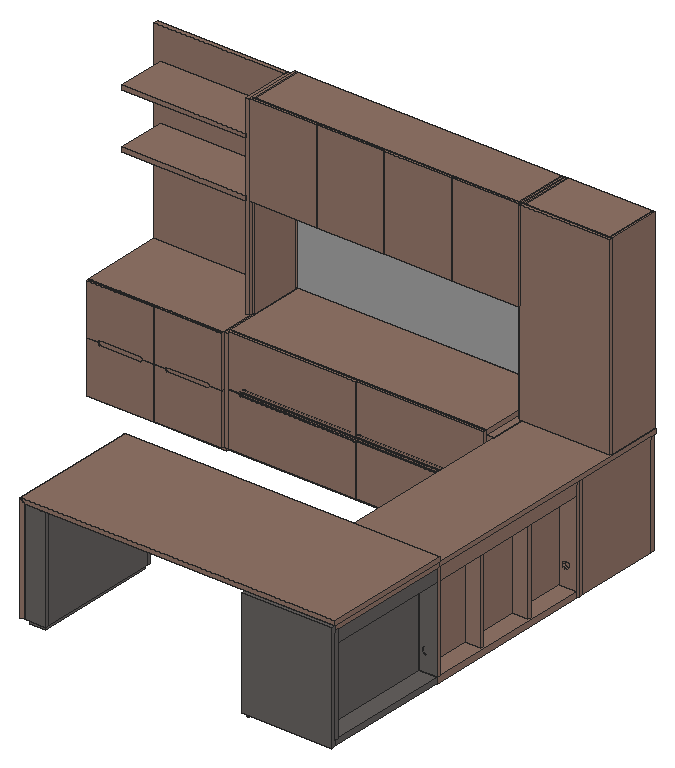
Revit family "T100046", category Furniture, Revit 2022 (continued)
Definition of nested family "OFS SLATE CREDENZAS"
  Definition of nested family "OFS_Slate Private Office_Credenzas_Double Pedestal"
    Automatic sketch dimensions
      Revolve 18 sketch curve to Revolve 18 sketch curve = 0' - 0.03868"
      Revolve 18 sketch curve to Revolve 18 sketch curve = 0' - 0.19756"
      Revolve 18 sketch curve to Revolve 18 sketch curve = 0' - 0"
      Revolve 18 sketch curve to level = 0' - 0.10773"
      Revolve 19 sketch curve to plane 4 = 0' - 0"
      Revolve 19 sketch curve to level = 0' - 0"  (x2)
      Revolve 19 sketch curve to plane 20 = 0' - 0.6409"
      Revolve 19 sketch curve to Revolve 19 sketch curve = 0' - 0.24097"
      Revolve 19 sketch curve to Revolve 19 sketch curve = 0' - 0.00903"  (x2)
      Revolve 19 sketch curve to Revolve 19 sketch curve = 0' - 0.03868"
      level to Revolve 19 sketch curve = 0' - 0.13057"
      Revolve 19 sketch curve to Revolve 19 sketch curve = 0' - 0"
      Revolve 19 sketch curve to level = 0' - 0.10773"
      Revolve 20 sketch curve to plane 4 = 0' - 0"
      Revolve 20 sketch curve to level = 0' - 0"  (x2)
      plane 18 to Revolve 20 sketch curve = 0' - 0.35223"
      Revolve 20 sketch curve to Revolve 20 sketch curve = 0' - 0.03868"
      Revolve 20 sketch curve to Revolve 20 sketch curve = 0' - 0"  (x2)
      Revolve 20 sketch curve to Revolve 20 sketch curve = 0' - 0.00903"
      Revolve 20 sketch curve to Revolve 20 sketch curve = 0' - 0 1/4"
      Revolve 20 sketch curve to Revolve 20 sketch curve = 0' - 0.19756"
      Revolve 20 sketch curve to level = 0' - 0.10773"
      Revolve 21 sketch curve to plane 4 = 0' - 0"
      Revolve 21 sketch curve to level = 0' - 0"  (x2)
      Revolve 21 sketch curve to plane 20 = 0' - 0.6409"
      Revolve 21 sketch curve to Revolve 21 sketch curve = 0' - 0.24097"
      Revolve 21 sketch curve to Revolve 21 sketch curve = 0' - 0.00903"  (x2)
      Revolve 21 sketch curve to Revolve 21 sketch curve = 0' - 0.03868"
      Revolve 21 sketch curve to Revolve 21 sketch curve = 0' - 0.19756"
      Revolve 21 sketch curve to Revolve 21 sketch curve = 0' - 0"
      Revolve 21 sketch curve to level = 0' - 0.10773"
  Definition of nested family "OFS_Slate Private Office_Credenzas_Lateral File Cabinet"
    Parameters
      Width 1 [instance] = if(Width < 5' 6", 5' 6", Width)  # 5' - 6"
      Width [instance] = 5' - 6"
      URL = "http://www.ofsbrands.com/"
      Type = 3
      Top [instance] = none
      Model = "Type Catalog"
      Manufacturer = "OFS BRANDS"  # constant formula
      Length [instance] = if(and(Type = 3, Width = 5' 6"), 1' 10.755", 2' 4.755")  # 1' - 10.755"
      Lateral File/Cabinet = Type = 3  # yes
      Glides [instance] = none
      Drawers [instance] = none
      Description = "Type Catalog"
      Default Elevation = 0' - 0"
      Copyright © = "© 2016 OFS BRANDS"  # constant formula
      Catalog = "OFS"  # constant formula
      Case [instance] = none
      Base [instance] = none
      Authoring Version = "Autodesk Revit Architecture 2014"  # constant formula
      Assembly Code = "E2020200"
    Reference planes (in)
      plane 1 "Center (Front/Back)": y = 0
      plane 2: z = 0
      plane 3 "Center (Left/Right)": x = 0
      plane 4: x = 65.25
      plane 5: x = 66
      plane 6: x = 0.75
      plane 7: y = -24
      plane 8: y = -24.83661
      plane 9: y = -23.125
      plane 10: x = 0.125
      plane 11: x = 65.875
      plane 12: z = 0.45
      plane 13: z = 29.2
      plane 14: y = -1.37544
      plane 15: y = -21.74956
      plane 16: y = -11.5625
      plane 17: x = 33
      plane 18: x = 18
      plane 19: x = 48
    Forms (in)
      Revolve 1, solid, material <- "Glides", visible <- "Lateral File/Cabinet"
        sketch origin (1.0178, -1.37544, 47.24409) x (-1, 0, 0) y (0, 0, 1)
          loop
            line (-0.3731, -46.79409) -> (-0.3731, -47.24409) -> (-0.1281, -47.24409)
            arc (-0.1281, -47.24409) -> (0, -47.13626) -> (-0.08442, -46.99165) r 0.13
            line (-0.08442, -46.99165) -> (-0.1231, -46.99165) -> (-0.1231, -46.79409) -> (-0.3731, -46.79409)
          axis (-0.3731, -46.79409) -> (-0.3731, -47.24409)
        angle from 0 to 360
      Revolve 2, solid, material <- "Glides", visible <- "Lateral File/Cabinet"
        sketch origin (70.9822, -1.37544, 47.24409) x (1, 0, 0) y (0, 0, -1)
          loop
            line (-6.3731, 46.79409) -> (-6.1231, 46.79409) -> (-6.1231, 46.99165) -> (-6.08442, 46.99165)
            arc (-6.08442, 46.99165) -> (-6, 47.13626) -> (-6.1281, 47.24409) r 0.13
            line (-6.1281, 47.24409) -> (-6.3731, 47.24409) -> (-6.3731, 46.79409)
          axis (-6.3731, 46.79409) -> (-6.3731, 47.24409)
        angle from 0 to 360
      Revolve 3, solid, material <- "Glides", visible <- "Lateral File/Cabinet"
        sketch origin (70.9822, -21.74956, 47.24409) x (1, 0, 0) y (0, 0, 1)
          loop
            line (-6.3731, -46.79409) -> (-6.3731, -47.24409) -> (-6.1281, -47.24409)
            arc (-6.1281, -47.24409) -> (-6, -47.13626) -> (-6.08442, -46.99165) r 0.13
            line (-6.08442, -46.99165) -> (-6.1231, -46.99165) -> (-6.1231, -46.79409) -> (-6.3731, -46.79409)
          axis (-6.3731, -46.79409) -> (-6.3731, -47.24409)
        angle from 0 to 360
      Revolve 4, solid, material <- "Glides", visible <- "Lateral File/Cabinet"
        sketch origin (1.0178, -21.74956, 47.24409) x (-1, 0, 0) y (0, 0, -1)
          loop
            line (-0.3731, 46.79409) -> (-0.1231, 46.79409) -> (-0.1231, 46.99165) -> (-0.08442, 46.99165)
            arc (-0.08442, 46.99165) -> (0, 47.13626) -> (-0.1281, 47.24409) r 0.13
            line (-0.1281, 47.24409) -> (-0.3731, 47.24409) -> (-0.3731, 46.79409)
          axis (-0.3731, 46.79409) -> (-0.3731, 47.24409)
        angle from 0 to 360
      Extrusion 5, solid, material <- "Case", visible <- "Lateral File/Cabinet"
        sketch origin (-60.07556, -60, 0.45) x (-1, 0, 0) y (0, -1, 0)
          loop
            line (-60.82556, -59.25) -> (-60.82556, -57.75) -> (-62.32556, -57.75) -> (-62.32556, -59.25) -> (-60.82556, -59.25)
          loop
            line (-60.82556, -39.125) -> (-60.82556, -37.625) -> (-62.32556, -37.625) -> (-62.32556, -39.125) -> (-60.82556, -39.125)
          loop
            line (-125.32556, -59.25) -> (-123.82556, -59.25) -> (-123.82556, -57.75) -> (-125.32556, -57.75) -> (-125.32556, -59.25)
          loop
            line (-125.32556, -39.125) -> (-123.82556, -39.125) -> (-123.82556, -37.625) -> (-125.32556, -37.625) -> (-125.32556, -39.125)
        from 0 to 1.25
      Extrusion 6, solid, material <- "Top", visible <- "Lateral File/Cabinet"
        sketch origin (0, 0, 0) x (0, 1, 0) y (0, 0, 1)
          loop
            line (0, 29.2) -> (-24, 29.2) -> (-24, 28.0125) -> (0, 28.0125) -> (0, 29.2)
        from 0 to 66
      Sweep 7, solid, material <- "Case", visible <- "Lateral File/Cabinet"
        path origin (-60.07556, -60, 0.45) x (-1, 0, 0) y (0, -1, 0)
          loop
            line (-126.07556, -60) -> (-126.07556, -36.875) -> (-60.07556, -36.875) -> (-60.07556, -60)
        profile origin (0, -11.5625, 0.45) x (-1, 0, 0) y (0, 0, 1)
          loop
            line (-0.75, 0) -> (0, 0) -> (0, 1.25) -> (-0.75, 1.25) -> (-0.75, 0)
      Extrusion 8, solid, material <- "Case", visible <- "Lateral File/Cabinet"
        sketch origin (0, 0, 0) x (0, 1, 0) y (0, 0, 1)
          loop
            line (0, 28.0125) -> (-0.75, 28.0125) -> (-0.75, 0.45) -> (0, 0.45) -> (0, 28.0125)
        from 0.75 to 65.25
      Extrusion 9, solid, material <- "Case", visible <- "Lateral File/Cabinet"
        sketch origin (0, 0, 0) x (1, 0, 0) y (0, 0, 1)
          loop
            line (0, 28.0125) -> (0, 1.7) -> (0.75, 1.7) -> (0.75, 28.0125) -> (0, 28.0125)
          loop
            line (65.25, 28.0125) -> (65.25, 1.7) -> (66, 1.7) -> (66, 28.0125) -> (65.25, 28.0125)
        from 0 to 24
      Extrusion 10, solid, material <- "Drawers", visible <- "Lateral File/Cabinet"
        sketch origin (0.125, -24.83661, 47.24409) x (0, -1, 0) y (0, 0, 1)
          loop
            line (-0.26, -18.10659) -> (-0.34839, -18.1432) -> (-0.75, -18.54482) -> (-0.75, -45.5441) -> (0, -45.5441) -> (0, -18.10659) -> (-0.26, -18.10659)
        from 0 to -17.875
      Sweep 11, void
        path origin (-3.76383, -24.83661, 47.24409) x (-1, 0, 0) y (0, 0, 1)
          loop
            line (-25.38633, -31.01358) -> (-48.14133, -31.01358)
            arc (-48.14133, -31.01358) -> (-48.9531, -31.82534) -> (-48.14133, -32.63711) r 0.81176
            line (-48.14133, -32.63711) -> (-25.38633, -32.63711)
            arc (-25.38633, -32.63711) -> (-24.57457, -31.82534) -> (-25.38633, -31.01358) r 0.81176
        profile origin (33, -24.83661, 16.23051) x (0, 0, -1) y (0, 1, 0)
          loop
            line (0.74926, 0) -> (0.74926, 0.59375) -> (0.23364, 0.59375)
            arc (0.23364, 0.59375) -> (-0.00045, 0.3792) -> (0.19294, 0.12735) r 0.23498
            arc (0.19294, 0.12735) -> (0.23332, 0.10405) -> (0.24927, 0.06025) r 0.06813
            line (0.24927, 0.06025) -> (0.24927, 0) -> (0.74926, 0)
      Extrusion 12, solid, material <- "Base", visible <- "Lateral File/Cabinet"
        sketch origin (-3.76383, -24.83661, 47.24409) x (-1, 0, 0) y (0, 0, 1)
          loop
            line (-4.51383, -44.79409) -> (-69.01383, -44.79409) -> (-69.01383, -45.54409) -> (-4.51383, -45.54409) -> (-4.51383, -44.79409)
        from 0.83661 to 24.08661
      Extrusion 13, solid, material <- "Drawers", visible <- "Lateral File/Cabinet"
        sketch origin (65.875, -24.83661, 47.24409) x (0, -1, 0) y (0, 0, -1)
          loop
            line (-0.26, 18.10659) -> (0, 18.10659) -> (0, 45.5441) -> (-0.75, 45.5441) -> (-0.75, 18.54482) -> (-0.34839, 18.1432) -> (-0.26, 18.10659)
        from 0 to -17.875
      Extrusion 14, solid, material <- "Drawers", visible <- "Lateral File/Cabinet"
        sketch origin (-3.76383, -24.83661, 47.24409) x (-1, 0, 0) y (0, 0, 1)
          loop
            line (-21.88883, -18.1066) -> (-51.63883, -18.1066) -> (-51.63883, -31.76284) -> (-21.88883, -31.76284) -> (-21.88883, -18.1066)
          loop
            line (-51.63883, -31.88784) -> (-51.63883, -45.54409) -> (-21.88883, -45.54409) -> (-21.88883, -31.88784) -> (-51.63883, -31.88784)
        from 0 to 0.75
    Cuts and joins
      joined: Revolve 1, Revolve 2, Revolve 3, Revolve 4
      Sweep 11 cuts Extrusion 14
      joined: Extrusion 10, Extrusion 13
    Lines and regions (in)
      Masking region 1, visible <- "Lateral File/Cabinet"
        outline origin (77.82463, -60, 29.2) x (0, -1, 0) y (1, 0, 0)
          loop
            line (-60, -77.82463) -> (-35.16339, -77.82463) -> (-35.16339, -11.82463) -> (-60, -11.82463) -> (-60, -77.82463)
    Dimensions and locks (in)
      "Width 1": plane 3 "Center (Left/Right)" to plane 5
      plane 3 "Center (Left/Right)" to plane 10 to plane 6 to plane 18 = 0' - 0 1/8" locked, 0' - 0 5/8" locked, 1' - 5 1/4" locked
      plane 19 to plane 4 to plane 11 to plane 5 = 1' - 5 1/4" locked, 0' - 0 5/8" locked, 0' - 0 1/8" locked
      equal spacing: plane 3 "Center (Left/Right)", plane 17, plane 5
      equal spacing: Sweep 11 sketch curve, plane 17, Sweep 11 sketch curve
      "Length": Sweep 11 sketch curve to Sweep 11 sketch curve
      locked: plane 18 to Extrusion 14 sketch curve at 0.125
      locked: plane 19 to Extrusion 14 sketch curve at 0.125
      aligned and locked: level to plane 2
      aligned and locked: Extrusion 6 to plane 5
      aligned and locked: Sweep 7 sketch curve to Extrusion 6  (x2)
      aligned and locked: plane 9 to Sweep 7 sketch curve
      aligned and locked: plane 4 to Extrusion 8
      aligned and locked: plane 6 to Extrusion 8
      aligned and locked: Extrusion 12 sketch curve to plane 6
      aligned and locked: Extrusion 12 sketch curve to plane 4
      aligned and locked: Masking region 1 sketch curve to Extrusion 6  (x2)
      aligned and locked: Masking region 1 sketch curve to plane 8
      aligned and locked: Masking region 1 sketch curve to plane 5
      aligned and locked: Extrusion 13 to plane 11
      aligned and locked: Extrusion 13 to plane 19
      aligned and locked: Extrusion 14 sketch curve to Extrusion 14 sketch curve  (x2)
    Automatic sketch dimensions
      Revolve 1 sketch curve to plane 12 = 0' - 0"
      Revolve 1 sketch curve to level = 0' - 0"  (x2)
      Revolve 1 sketch curve to plane 6 = 0' - 0.6409"
      Revolve 1 sketch curve to Revolve 1 sketch curve = 0' - 0.245"
      Revolve 1 sketch curve to Revolve 1 sketch curve = 0' - 0.005"
      Revolve 1 sketch curve to Revolve 1 sketch curve = 0' - 0.03868"
      level to Revolve 1 sketch curve = 0' - 0.13"
      Revolve 1 sketch curve to Revolve 1 sketch curve = 0' - 0"
      Revolve 1 sketch curve to level = 0' - 0.09316"
      Revolve 2 sketch curve to plane 12 = 0' - 0"
      Revolve 2 sketch curve to level = 0' - 0"  (x2)
      Revolve 2 sketch curve to plane 4 = 0' - 0.6409"
      Revolve 2 sketch curve to Revolve 2 sketch curve = 0' - 0.245"
      Revolve 2 sketch curve to Revolve 2 sketch curve = 0' - 0.005"
      Revolve 2 sketch curve to Revolve 2 sketch curve = 0' - 0.03868"
      Revolve 2 sketch curve to plane 12 = 0' - 0.19756"
      Revolve 2 sketch curve to Revolve 2 sketch curve = 0' - 0"
      Revolve 2 sketch curve to Revolve 2 sketch curve = 0' - 0.09316"
      Revolve 3 sketch curve to plane 12 = 0' - 0"
      Revolve 3 sketch curve to level = 0' - 0"  (x2)
      Revolve 3 sketch curve to plane 4 = 0' - 0.6409"
      Revolve 3 sketch curve to Revolve 3 sketch curve = 0' - 0.245"
      Revolve 3 sketch curve to Revolve 3 sketch curve = 0' - 0.005"
      Revolve 3 sketch curve to Revolve 3 sketch curve = 0' - 0.03868"
      level to Revolve 3 sketch curve = 0' - 0.13"
      Revolve 3 sketch curve to Revolve 3 sketch curve = 0' - 0"
      Revolve 3 sketch curve to Revolve 3 sketch curve = 0' - 0.09316"
      Revolve 4 sketch curve to plane 12 = 0' - 0"
      Revolve 4 sketch curve to level = 0' - 0"  (x2)
      Revolve 4 sketch curve to plane 6 = 0' - 0.6409"
      Revolve 4 sketch curve to Revolve 4 sketch curve = 0' - 0.245"
      Revolve 4 sketch curve to Revolve 4 sketch curve = 0' - 0.005"
      Revolve 4 sketch curve to Revolve 4 sketch curve = 0' - 0.03868"
      Revolve 4 sketch curve to Revolve 4 sketch curve = 0' - 0.19756"
      Revolve 4 sketch curve to Revolve 4 sketch curve = 0' - 0"
      Revolve 4 sketch curve to level = 0' - 0.09316"
      Extrusion 5 sketch curve to plane 4 = 0' - 0"  (x2)
      Extrusion 5 sketch curve to plane 6 = 0' - 0"  (x2)
      plane 14 to Extrusion 5 sketch curve = 0' - 0.62544"  (x2)
      Extrusion 5 sketch curve to Extrusion 5 sketch curve = 0' - 1 1/2"  (x2)
      Extrusion 5 sketch curve to plane 15 = 0' - 0.62544"  (x2)
      Extrusion 5 sketch curve to plane 6 = 0' - 1 1/2"  (x2)
      Extrusion 5 sketch curve to plane 14 = 0' - 0.87456"  (x2)
      plane 15 to Extrusion 5 sketch curve = 0' - 0.87456"  (x2)
      Extrusion 6 sketch curve to plane 7 = 0' - 0"
      Extrusion 6 sketch curve to plane 1 "Center (Front/Back)" = 0' - 0"
      plane 13 to Extrusion 6 sketch curve = 0' - 0"
      plane 13 to Extrusion 6 sketch curve = 0' - 1 3/16"
      plane 1 "Center (Front/Back)" to Sweep 7 sketch curve = 0' - 0"  (x2)
      Sweep 7 sketch curve to plane 12 = 0' - 0"
      Sweep 7 sketch curve to profile plane = 0' - 0"
      profile plane to Sweep 7 sketch curve = 0' - 0 3/4"
      plane 12 to Sweep 7 sketch curve = 0' - 1 1/4"
      Extrusion 8 sketch curve to plane 12 = 0' - 0"
      Extrusion 8 sketch curve to plane 1 "Center (Front/Back)" = 0' - 0"
      plane 14 to Extrusion 8 sketch curve = 0' - 0.62544"
      plane 13 to Extrusion 8 sketch curve = 0' - 1 3/16"
      Extrusion 9 sketch curve to plane 3 "Center (Left/Right)" = 0' - 0"
      plane 6 to Extrusion 9 sketch curve = 0' - 0"
      Extrusion 9 sketch curve to plane 4 = 0' - 0"
      plane 5 to Extrusion 9 sketch curve = 0' - 0"
      plane 12 to Extrusion 9 sketch curve = 0' - 1 1/4"  (x2)
      plane 13 to Extrusion 9 sketch curve = 0' - 1 3/16"  (x2)
      Extrusion 10 sketch curve to plane 8 = 0' - 0"
      plane 13 to Extrusion 10 sketch curve = 0' - 0 1/16"
      plane 8 to Extrusion 10 sketch curve = 0' - 0.26"
      plane 13 to Extrusion 10 sketch curve = 0' - 0.09911"
      Extrusion 10 sketch curve to Extrusion 10 sketch curve = 0' - 0.08839"
      Extrusion 10 sketch curve to plane 7 = 0' - 0.08661"
      plane 13 to Extrusion 10 sketch curve = 0' - 0.50072"
      plane 12 to Extrusion 10 sketch curve = 0' - 1 1/4"
      Sweep 11 sketch curve to plane 8 = 0' - 0"
      plane 8 to Sweep 11 sketch curve = 0' - 0.06025"
      Sweep 11 sketch curve to profile plane = 0' - 0.18113"
      Sweep 11 sketch curve to profile plane = 0' - 0.23364"
      Sweep 11 sketch curve to Sweep 11 sketch curve = 0' - 0.06813"
      Sweep 11 sketch curve to Sweep 11 sketch curve = 0' - 0 33/64"
      Sweep 11 sketch curve to Sweep 11 sketch curve = 0' - 0.29853"
      Sweep 11 sketch curve to Sweep 11 sketch curve = 0' - 0.23498"
      plane 12 to Extrusion 12 sketch curve = 0' - 1 1/4"
      Extrusion 12 sketch curve to Extrusion 12 sketch curve = 0' - 0 3/4"
      Extrusion 13 sketch curve to plane 8 = 0' - 0"
      plane 13 to Extrusion 13 sketch curve = 0' - 0 1/16"
      Extrusion 13 sketch curve to Extrusion 13 sketch curve = 0' - 0.26"
      plane 13 to Extrusion 13 sketch curve = 0' - 0.09911"
      Extrusion 13 sketch curve to Extrusion 13 sketch curve = 0' - 0.08839"
      Extrusion 13 sketch curve to plane 7 = 0' - 0.08661"
      plane 13 to Extrusion 13 sketch curve = 0' - 0.50072"
      plane 12 to Extrusion 13 sketch curve = 0' - 1 1/4"
      plane 12 to Extrusion 14 sketch curve = 0' - 1 1/4"
      Extrusion 14 sketch curve to Extrusion 14 sketch curve = 1' - 1 21/32"
      Extrusion 14 sketch curve to Extrusion 14 sketch curve = 0' - 0 1/8"
      plane 13 to Extrusion 14 sketch curve = 0' - 0 1/16"
      plane 12 to Sweep 11 sketch curve = 1' - 2.15699"
      Sweep 11 sketch curve to Sweep 11 sketch curve = 0' - 0.81176"
  Definition of nested family "OFS_Slate Private Office_Credenzas_Lateral File"
    Parameters
      Width [instance] = 2' - 6"
      URL = "http://www.ofsbrands.com/"
      Type = 2
      Top [instance] = none
      Model = "Type Catalog"
      Manufacturer = "OFS BRANDS"  # constant formula
      Length 3 [instance] = if(or(and(Type = 2, Width = 5' 0"), and(Type = 2, Width = 6' 0")), (Width / 2 + 0' 3.624"), Width + 0' 3")  # 2' - 9"
      Length 2 [instance] = if(or(and(Type = 2, Width = 2' 6"), and(Type = 2, Width = 5' 0")), 1' 10.692", 2' 4.692")  # 1' - 10.692"
      Length 1 [instance] = if(and(Type = 2, Width < 5' 0"), 0' 0", Width / 2)  # 0' - 0"
      Lateral File = Type = 2  # yes
      Glides [instance] = none
      Drawers [instance] = none
      Description = "Type Catalog"
      Default Elevation = 0' - 0"
      Copyright © = "© 2016 OFS BRANDS"  # constant formula
      Catalog = "OFS"  # constant formula
      Case [instance] = none
      Base [instance] = none
      Authoring Version = "Autodesk Revit Architecture 2014"  # constant formula
      Assembly Code = "E2020200"
    Reference planes (in)
      plane 1 "Center (Front/Back)": y = 0
      plane 2: z = 0
      plane 3 "Center (Left/Right)": x = 0
      plane 4: x = 0
      plane 5: x = 29.25
      plane 6: x = 30
      plane 7: x = 0.75
      plane 8: y = -24
      plane 9: y = -24.83661
      plane 10: y = -23.125
      plane 11: x = 0.125
      plane 12: x = 29.875
      plane 13: z = 0.45
      plane 14: z = 29.2
      plane 15: y = -1.37544
      plane 16: y = -21.74956
      plane 17: y = -11.5625
      plane 18: x = 15
    Forms (in)
      Revolve 1, solid, material <- "Glides", visible <- "Lateral File"
        sketch origin (1.0178, -1.37544, 47.24409) x (-1, 0, 0) y (0, 0, 1)
          loop
            line (-0.3731, -46.79409) -> (-0.3731, -47.24409) -> (-0.1281, -47.24409)
            arc (-0.1281, -47.24409) -> (0, -47.13626) -> (-0.08442, -46.99165) r 0.13
            line (-0.08442, -46.99165) -> (-0.1231, -46.99165) -> (-0.1231, -46.79409) -> (-0.3731, -46.79409)
          axis (-0.3731, -46.79409) -> (-0.3731, -47.24409)
        angle from 0 to 360
      Revolve 2, solid, material <- "Glides", visible <- "Lateral File"
        sketch origin (70.9822, -1.37544, 47.24409) x (1, 0, 0) y (0, 0, -1)
          loop
            line (-42.3731, 46.79409) -> (-42.1231, 46.79409) -> (-42.1231, 46.99165) -> (-42.08442, 46.99165)
            arc (-42.08442, 46.99165) -> (-42, 47.13626) -> (-42.1281, 47.24409) r 0.13
            line (-42.1281, 47.24409) -> (-42.3731, 47.24409) -> (-42.3731, 46.79409)
          axis (-42.3731, 46.79409) -> (-42.3731, 47.24409)
        angle from 0 to 360
      Revolve 3, solid, material <- "Glides", visible <- "Lateral File"
        sketch origin (70.9822, -21.74956, 47.24409) x (1, 0, 0) y (0, 0, 1)
          loop
            line (-42.3731, -46.79409) -> (-42.3731, -47.24409) -> (-42.1281, -47.24409)
            arc (-42.1281, -47.24409) -> (-42, -47.13626) -> (-42.08442, -46.99165) r 0.13
            line (-42.08442, -46.99165) -> (-42.1231, -46.99165) -> (-42.1231, -46.79409) -> (-42.3731, -46.79409)
          axis (-42.3731, -46.79409) -> (-42.3731, -47.24409)
        angle from 0 to 360
      Revolve 4, solid, material <- "Glides", visible <- "Lateral File"
        sketch origin (1.0178, -21.74956, 47.24409) x (-1, 0, 0) y (0, 0, -1)
          loop
            line (-0.3731, 46.79409) -> (-0.1231, 46.79409) -> (-0.1231, 46.99165) -> (-0.08442, 46.99165)
            arc (-0.08442, 46.99165) -> (0, 47.13626) -> (-0.1281, 47.24409) r 0.13
            line (-0.1281, 47.24409) -> (-0.3731, 47.24409) -> (-0.3731, 46.79409)
          axis (-0.3731, 46.79409) -> (-0.3731, 47.24409)
        angle from 0 to 360
      Extrusion 5, solid, material <- "Case", visible <- "Lateral File"
        sketch origin (-60.07556, -60, 0.45) x (-1, 0, 0) y (0, -1, 0)
          loop
            line (-60.82556, -59.25) -> (-60.82556, -57.75) -> (-62.32556, -57.75) -> (-62.32556, -59.25) -> (-60.82556, -59.25)
          loop
            line (-60.82556, -39.125) -> (-60.82556, -37.625) -> (-62.32556, -37.625) -> (-62.32556, -39.125) -> (-60.82556, -39.125)
          loop
            line (-89.32556, -59.25) -> (-87.82556, -59.25) -> (-87.82556, -57.75) -> (-89.32556, -57.75) -> (-89.32556, -59.25)
          loop
            line (-89.32556, -39.125) -> (-87.82556, -39.125) -> (-87.82556, -37.625) -> (-89.32556, -37.625) -> (-89.32556, -39.125)
        from 0 to 1.25
      Extrusion 6, solid, material <- "Top", visible <- "Lateral File"
        sketch origin (0, 0, 0) x (0, 1, 0) y (0, 0, 1)
          loop
            line (0, 29.2) -> (-24, 29.2) -> (-24, 28.0125) -> (0, 28.0125) -> (0, 29.2)
        from 0 to 30
      Sweep 7, solid, material <- "Case", visible <- "Lateral File"
        path origin (-60.07556, -60, 0.45) x (-1, 0, 0) y (0, -1, 0)
          loop
            line (-90.07556, -60) -> (-90.07556, -36.875) -> (-60.07556, -36.875) -> (-60.07556, -60)
        profile origin (0, -11.5625, 0.45) x (-1, 0, 0) y (0, 0, 1)
          loop
            line (-0.75, 0) -> (0, 0) -> (0, 1.25) -> (-0.75, 1.25) -> (-0.75, 0)
      Extrusion 8, solid, material <- "Case", visible <- "Lateral File"
        sketch origin (0, 0, 0) x (0, 1, 0) y (0, 0, 1)
          loop
            line (0, 28.0125) -> (-0.75, 28.0125) -> (-0.75, 0.45) -> (0, 0.45) -> (0, 28.0125)
        from 0.75 to 29.25
      Extrusion 9, solid, material <- "Case", visible <- "Lateral File"
        sketch origin (0, 0, 0) x (1, 0, 0) y (0, 0, 1)
          loop
            line (0, 28.0125) -> (0, 1.7) -> (0.75, 1.7) -> (0.75, 28.0125) -> (0, 28.0125)
          loop
            line (29.25, 28.0125) -> (29.25, 1.7) -> (30, 1.7) -> (30, 28.0125) -> (29.25, 28.0125)
        from 0 to 24
      Extrusion 10, solid, material <- "Drawers", visible <- "Lateral File"
        sketch origin (0.125, -24.83661, 47.24409) x (0, -1, 0) y (0, 0, 1)
          loop
            line (-0.75, -18.10659) -> (-0.75, -31.76284) -> (0, -31.76284) -> (0, -18.10659) -> (-0.75, -18.10659)
          loop
            line (-0.75, -45.5441) -> (0, -45.5441) -> (0, -31.88784) -> (-0.75, -31.88784) -> (-0.75, -45.5441)
        from 0 to -29.75
      Extrusion 11, void
        sketch origin (-60.07556, -60, 0.45) x (0, -1, 0) y (-1, 0, 0)
          loop
            line (-35.91339, -60.01306) -> (-35.91339, -60.13806) -> (-35.16339, -60.13806) -> (-35.16339, -60.01306) -> (-35.91339, -60.01306)
        from 0 to -28.75
      Sweep 12, void
        path origin (-3.76383, -24.83661, 47.24409) x (-1, 0, 0) y (0, 0, 1)
          loop
            line (-7.41768, -31.01358) -> (-30.10968, -31.01358)
            arc (-30.10968, -31.01358) -> (-30.92144, -31.82534) -> (-30.10968, -32.63711) r 0.81176
            line (-30.10968, -32.63711) -> (-7.41768, -32.63711)
            arc (-7.41768, -32.63711) -> (-6.60591, -31.82534) -> (-7.41768, -31.01358) r 0.81176
        profile origin (14.99984, -24.83661, 16.23051) x (0, 0, -1) y (0, 1, 0)
          loop
            line (0.74926, 0) -> (0.74926, 0.59375) -> (0.23364, 0.59375)
            arc (0.23364, 0.59375) -> (-0.00045, 0.3792) -> (0.19294, 0.12735) r 0.23498
            arc (0.19294, 0.12735) -> (0.23332, 0.10405) -> (0.24927, 0.06025) r 0.06813
            line (0.24927, 0.06025) -> (0.24927, 0) -> (0.74926, 0)
      Sweep 13, void
        path origin (63.76383, -24.83661, 47.24409) x (1, 0, 0) y (0, 0, -1)
          loop
            arc (-8.07183, 31.01358) -> (-7.26007, 31.82534) -> (-8.07183, 32.63711) r 0.81176
            line (-8.07183, 32.63711) -> (-30.76383, 32.63711)
            arc (-30.76383, 32.63711) -> (-31.5756, 31.82534) -> (-30.76383, 31.01358) r 0.81176
            line (-30.76383, 31.01358) -> (-8.07183, 31.01358)
        profile origin (44.346, -24.83661, 16.23051) x (0, 0, 1) y (0, 1, 0)
          loop
            line (-0.74926, 0) -> (-0.24927, 0) -> (-0.24927, 0.06025)
            arc (-0.24927, 0.06025) -> (-0.23332, 0.10405) -> (-0.19294, 0.12735) r 0.06813
            arc (-0.19294, 0.12735) -> (0.00045, 0.3792) -> (-0.23364, 0.59375) r 0.23498
            line (-0.23364, 0.59375) -> (-0.74926, 0.59375) -> (-0.74926, 0)
      Extrusion 14, solid, material <- "Base", visible <- "Lateral File"
        sketch origin (-3.76383, -24.83661, 47.24409) x (-1, 0, 0) y (0, 0, 1)
          loop
            line (-4.51383, -44.79409) -> (-33.01383, -44.79409) -> (-33.01383, -45.54409) -> (-4.51383, -45.54409) -> (-4.51383, -44.79409)
        from 0.83661 to 24.08661
    Cuts and joins
      Extrusion 11, Sweep 12, Sweep 13 cuts Extrusion 10
      joined: Revolve 1, Revolve 2, Revolve 3, Revolve 4
    Lines and regions (in)
      Masking region 1, visible <- "Lateral File"
        outline origin (77.82463, -60, 29.2) x (0, -1, 0) y (1, 0, 0)
          loop
            line (-60, -77.82463) -> (-36, -77.82463) -> (-36, -47.82463) -> (-60, -47.82463) -> (-60, -77.82463)
    Dimensions and locks (in)
      "Width": plane 3 "Center (Left/Right)" to plane 6
      plane 3 "Center (Left/Right)" to plane 11 to plane 7 = 0' - 0 1/8" locked, 0' - 0 5/8" locked
      plane 5 to plane 12 to plane 6 = 0' - 0 5/8" locked, 0' - 0 1/8" locked
      "Length 1": plane 3 "Center (Left/Right)" to plane 4
      Extrusion 11 sketch curve to plane 4 to Extrusion 11 sketch curve = 0' - 0 1/16" locked, 0' - 0 1/16" locked
      equal spacing: plane 6, plane 18, plane 3 "Center (Left/Right)"
      locked: Sweep 12 sketch curve to plane 3 "Center (Left/Right)" at 3.65384
      "Length 2": Sweep 12 sketch curve to Sweep 12 sketch curve
      "Length 2": Sweep 13 sketch curve to Sweep 13 sketch curve
      "Length 3": Sweep 13 sketch curve to plane 3 "Center (Left/Right)"
      aligned and locked: level to plane 2
      aligned and locked: Extrusion 6 to plane 6
      aligned and locked: Sweep 7 sketch curve to Extrusion 6  (x2)
      aligned and locked: plane 10 to Sweep 7 sketch curve
      aligned and locked: plane 5 to Extrusion 8
      aligned and locked: plane 7 to Extrusion 8
      aligned and locked: Extrusion 10 to plane 12
      aligned and locked: Extrusion 11 to plane 14
      aligned and locked: Extrusion 14 sketch curve to plane 7
      aligned and locked: Extrusion 14 sketch curve to plane 5
      aligned and locked: Masking region 1 sketch curve to Extrusion 6  (x4)
    Automatic sketch dimensions
      Revolve 1 sketch curve to plane 13 = 0' - 0"
      Revolve 1 sketch curve to level = 0' - 0"  (x2)
      Revolve 1 sketch curve to plane 7 = 0' - 0.6409"
      Revolve 1 sketch curve to Revolve 1 sketch curve = 0' - 0.245"
      Revolve 1 sketch curve to Revolve 1 sketch curve = 0' - 0.005"
      Revolve 1 sketch curve to Revolve 1 sketch curve = 0' - 0.03868"
      level to Revolve 1 sketch curve = 0' - 0.13"
      Revolve 1 sketch curve to Revolve 1 sketch curve = 0' - 0"
      Revolve 1 sketch curve to level = 0' - 0.09316"
      Revolve 2 sketch curve to plane 13 = 0' - 0"
      Revolve 2 sketch curve to level = 0' - 0"  (x2)
      Revolve 2 sketch curve to plane 5 = 0' - 0.6409"
      Revolve 2 sketch curve to Revolve 2 sketch curve = 0' - 0.245"
      Revolve 2 sketch curve to Revolve 2 sketch curve = 0' - 0.005"
      Revolve 2 sketch curve to Revolve 2 sketch curve = 0' - 0.03868"
      Revolve 2 sketch curve to plane 13 = 0' - 0.19756"
      Revolve 2 sketch curve to Revolve 2 sketch curve = 0' - 0"
      Revolve 2 sketch curve to Revolve 2 sketch curve = 0' - 0.09316"
      Revolve 3 sketch curve to plane 13 = 0' - 0"
      Revolve 3 sketch curve to level = 0' - 0"  (x2)
      Revolve 3 sketch curve to plane 5 = 0' - 0.6409"
      Revolve 3 sketch curve to Revolve 3 sketch curve = 0' - 0.245"
      Revolve 3 sketch curve to Revolve 3 sketch curve = 0' - 0.005"
      Revolve 3 sketch curve to Revolve 3 sketch curve = 0' - 0.03868"
      level to Revolve 3 sketch curve = 0' - 0.13"
      Revolve 3 sketch curve to Revolve 3 sketch curve = 0' - 0"
      Revolve 3 sketch curve to Revolve 3 sketch curve = 0' - 0.09316"
      Revolve 4 sketch curve to plane 13 = 0' - 0"
      Revolve 4 sketch curve to level = 0' - 0"  (x2)
      Revolve 4 sketch curve to plane 7 = 0' - 0.6409"
      Revolve 4 sketch curve to Revolve 4 sketch curve = 0' - 0.245"
      Revolve 4 sketch curve to Revolve 4 sketch curve = 0' - 0.005"
      Revolve 4 sketch curve to Revolve 4 sketch curve = 0' - 0.03868"
      Revolve 4 sketch curve to Revolve 4 sketch curve = 0' - 0.19756"
      Revolve 4 sketch curve to Revolve 4 sketch curve = 0' - 0"
      Revolve 4 sketch curve to level = 0' - 0.09316"
      Extrusion 5 sketch curve to plane 5 = 0' - 0"  (x2)
      Extrusion 5 sketch curve to plane 7 = 0' - 0"  (x2)
      plane 15 to Extrusion 5 sketch curve = 0' - 0.62544"  (x2)
      Extrusion 5 sketch curve to Extrusion 5 sketch curve = 0' - 1 1/2"  (x2)
      Extrusion 5 sketch curve to plane 16 = 0' - 0.62544"  (x2)
      Extrusion 5 sketch curve to plane 7 = 0' - 1 1/2"  (x2)
      Extrusion 5 sketch curve to plane 15 = 0' - 0.87456"  (x2)
      plane 16 to Extrusion 5 sketch curve = 0' - 0.87456"  (x2)
      Extrusion 6 sketch curve to plane 8 = 0' - 0"
      Extrusion 6 sketch curve to plane 1 "Center (Front/Back)" = 0' - 0"
      plane 14 to Extrusion 6 sketch curve = 0' - 0"
      plane 14 to Extrusion 6 sketch curve = 0' - 1 3/16"
      plane 1 "Center (Front/Back)" to Sweep 7 sketch curve = 0' - 0"  (x2)
      Sweep 7 sketch curve to plane 13 = 0' - 0"
      Sweep 7 sketch curve to profile plane = 0' - 0"
      profile plane to Sweep 7 sketch curve = 0' - 0 3/4"
      plane 13 to Sweep 7 sketch curve = 0' - 1 1/4"
      Extrusion 8 sketch curve to plane 13 = 0' - 0"
      Extrusion 8 sketch curve to plane 1 "Center (Front/Back)" = 0' - 0"
      plane 15 to Extrusion 8 sketch curve = 0' - 0.62544"
      plane 14 to Extrusion 8 sketch curve = 0' - 1 3/16"
      Extrusion 9 sketch curve to plane 3 "Center (Left/Right)" = 0' - 0"
      plane 7 to Extrusion 9 sketch curve = 0' - 0"
      Extrusion 9 sketch curve to plane 5 = 0' - 0"
      plane 6 to Extrusion 9 sketch curve = 0' - 0"
      plane 13 to Extrusion 9 sketch curve = 0' - 1 1/4"  (x2)
      plane 14 to Extrusion 9 sketch curve = 0' - 1 3/16"  (x2)
      Extrusion 10 sketch curve to plane 9 = 0' - 0"  (x2)
      Extrusion 10 sketch curve to plane 8 = 0' - 0.08661"  (x2)
      plane 13 to Extrusion 10 sketch curve = 0' - 1 1/4"
      Extrusion 10 sketch curve to Extrusion 10 sketch curve = 1' - 1 21/32"
      Extrusion 10 sketch curve to Extrusion 10 sketch curve = 0' - 0 1/8"
      plane 14 to Extrusion 10 sketch curve = 0' - 0 1/16"
      Extrusion 11 sketch curve to plane 9 = 0' - 0"
      Extrusion 11 sketch curve to plane 8 = 0' - 0.08661"
      Sweep 12 sketch curve to plane 9 = 0' - 0"
      plane 9 to Sweep 12 sketch curve = 0' - 0.06025"
      Sweep 12 sketch curve to profile plane = 0' - 0.18113"
      Sweep 12 sketch curve to profile plane = 0' - 0.23364"
      Sweep 12 sketch curve to Sweep 12 sketch curve = 0' - 0.06813"
      Sweep 12 sketch curve to Sweep 12 sketch curve = 0' - 0 33/64"
      Sweep 12 sketch curve to Sweep 12 sketch curve = 0' - 0.29853"
      Sweep 12 sketch curve to Sweep 12 sketch curve = 0' - 0.23498"
      Sweep 13 sketch curve to plane 9 = 0' - 0"
      profile plane to Sweep 13 sketch curve = 0' - 0.74926"
      profile plane to Sweep 13 sketch curve = 0' - 0.24927"
      profile plane to Sweep 13 sketch curve = 0' - 0.23364"
      Sweep 13 sketch curve to Sweep 13 sketch curve = 0' - 0.06813"
      plane 9 to Sweep 13 sketch curve = 0' - 0.06025"
      Sweep 13 sketch curve to Sweep 13 sketch curve = 0' - 0.29853"
      Sweep 13 sketch curve to Sweep 13 sketch curve = 0' - 0.23498"
      plane 13 to Extrusion 14 sketch curve = 0' - 1 1/4"
      Extrusion 14 sketch curve to Extrusion 14 sketch curve = 0' - 0 3/4"
      plane 13 to Sweep 12 sketch curve = 1' - 2.15699"
      Sweep 12 sketch curve to Sweep 12 sketch curve = 0' - 0.81176"
      plane 14 to Sweep 13 sketch curve = 1' - 0.96949"
      Sweep 13 sketch curve to Sweep 13 sketch curve = 0' - 0.81176"
  Definition of nested family "OFS_Slate Private Office_Credenzas_Overlay Lateral File Doors"
    Parameters
      Width 1 [instance] = if(Width < 5' 0", 5' 0", Width)  # 5' - 0"
      Width [instance] = 5' - 0"
      URL = "http://www.ofsbrands.com/"
      Type = 5
      Top [instance] = none
      Panel [instance] = none
      Model = "Type Catalog"
      Manufacturer = "OFS BRANDS"  # constant formula
      Length 2 [instance] = if(and(Type = 5, Width < 5' 0"), 0' 0.063", 1' 5 7/8")  # 1' - 5 7/8"
      Length 1 [instance] = if(and(Type = 5, Width = 2' 6"), 1' 7.255", if(and(Type = 5, Width = 3' 0"), 2' 1.255", if(and(Type = 5, Width = 5' 0"), 1' 1.255", if(and(Type = 5, Width = 6' 0"), 2' 1.255", if(and(Type = 5, Width = 7' 6"), 1' 6.005", 2' 3.005")))))  # 1' - 1.255"
      Overlay Lateral File = Type = 5  # yes
      Lateral Drawers [instance] = and(Overlay Lateral File, not(Width < 5' 0"))  # yes
      Glides [instance] = none
      Drawers [instance] = none
      Description = "Type Catalog"
      Default Elevation = 0' - 0"
      Copyright © = "© 2016 OFS BRANDS"  # constant formula
      Catalog = "OFS"  # constant formula
      Case [instance] = none
      Base [instance] = none
      Authoring Version = "Autodesk Revit Architecture 2014"  # constant formula
      Assembly Code = "E2020200"
      4 Drawers [instance] = and(Type = 5, Width > 6' 0")  # no
      2 Drawers [instance] = and(Type = 5, Width < 7' 6")  # yes
    Reference planes (in)
      plane 1 "Center (Front/Back)": y = 0
      plane 2: z = 0
      plane 3 "Center (Left/Right)": x = 0
      plane 4: x = 59.25
      plane 5: x = 60
      plane 6: x = 0.75
      plane 7: y = -24
      plane 8: y = -25.58661
      plane 9: y = -23.125
      plane 10: x = 0.125
      plane 11: x = 59.875
      plane 12: z = 0.45
      plane 13: z = 30.3875
      plane 14: y = -1.38677
      plane 15: y = -21.25
      plane 16: y = -11.5625
      plane 17: x = 30
      plane 18: x = 19.6875
      plane 19: x = 40.3125
      plane 20: x = 1.8125
      plane 21: x = 58.1875
      plane 22: x = 58.0625
    Forms (in)
      Revolve 1, solid, material <- "Glides", visible <- "Overlay Lateral File"
        sketch origin (1.0178, -1.38677, 47.24409) x (-1, 0, 0) y (0, 0, 1)
          loop
            line (0.04905, -46.79409) -> (0.04905, -47.24409) -> (0.29405, -47.24409)
            arc (0.29405, -47.24409) -> (0.42215, -47.13626) -> (0.33773, -46.99165) r 0.13
            line (0.33773, -46.99165) -> (0.29905, -46.99165) -> (0.29905, -46.79409) -> (0.04905, -46.79409)
          axis (0.04905, -46.79409) -> (0.04905, -47.24409)
        angle from 0 to 360
      Revolve 2, solid, material <- "Glides", visible <- "Overlay Lateral File"
        sketch origin (70.9822, -1.38677, 47.24409) x (1, 0, 0) y (0, 0, -1)
          loop
            line (-11.95095, 46.79409) -> (-11.70095, 46.79409) -> (-11.70095, 46.99165) -> (-11.66227, 46.99165)
            arc (-11.66227, 46.99165) -> (-11.57785, 47.13626) -> (-11.70595, 47.24409) r 0.13
            line (-11.70595, 47.24409) -> (-11.95095, 47.24409) -> (-11.95095, 46.79409)
          axis (-11.95095, 46.79409) -> (-11.95095, 47.24409)
        angle from 0 to 360
      Revolve 3, solid, material <- "Glides", visible <- "Overlay Lateral File"
        sketch origin (1.0178, -21.25, 47.24409) x (-1, 0, 0) y (0, 0, 1)
          loop
            line (-58.01344, -46.79409) -> (-58.26344, -46.79409) -> (-58.26344, -46.99165) -> (-58.30212, -46.99165)
            arc (-58.30212, -46.99165) -> (-58.38654, -47.13626) -> (-58.25844, -47.24409) r 0.13
            line (-58.25844, -47.24409) -> (-58.01344, -47.24409) -> (-58.01344, -46.79409)
          axis (-58.01344, -46.79409) -> (-58.01344, -47.24409)
        angle from 0 to 360
      Revolve 4, solid, material <- "Glides", visible <- "Overlay Lateral File"
        sketch origin (1.0178, -21.25, 47.24409) x (-1, 0, 0) y (0, 0, 1)
          loop
            line (0.04905, -46.79409) -> (0.04905, -47.24409) -> (0.29405, -47.24409)
            arc (0.29405, -47.24409) -> (0.42215, -47.13626) -> (0.33773, -46.99165) r 0.13
            line (0.33773, -46.99165) -> (0.29905, -46.99165) -> (0.29905, -46.79409) -> (0.04905, -46.79409)
          axis (0.04905, -46.79409) -> (0.04905, -47.24409)
        angle from 0 to 360
      Sweep 5, solid, material <- "Panel", visible <- "Overlay Lateral File"
        path origin (-60.07556, -60, 0.45) x (-1, 0, 0) y (0, -1, 0)
          loop
            line (-120.07556, -36.875) -> (-60.07556, -36.875)
        profile origin (30, -23.125, 0.45) x (0, -1, 0) y (0, 0, 1)
          loop
            line (-0.75, 0) -> (0, 0) -> (0, 1.25) -> (-0.75, 1.25) -> (-0.75, 0)
      Extrusion 6, solid, material <- "Case", visible <- "Overlay Lateral File"
        sketch origin (0, 0, 0) x (0, 1, 0) y (0, 0, 1)
          loop
            line (0, 29.2) -> (-0.76133, 29.2) -> (-0.76133, 0.45) -> (0, 0.45) -> (0, 29.2)
        from 1.9375 to 58.0625
      Extrusion 7, solid, material <- "Panel", visible <- "Overlay Lateral File"
        sketch origin (0, 0, 0) x (1, 0, 0) y (0, 0, 1)
          loop
            line (0, 29.2) -> (0, 1.7) -> (1.9375, 1.7) -> (1.9375, 29.2) -> (0, 29.2)
          loop
            line (58.0625, 29.2) -> (58.0625, 1.7) -> (60, 1.7) -> (60, 29.2) -> (58.0625, 29.2)
        from 0 to 24.75
      Extrusion 8, solid, material <- "Drawers", visible <- "Lateral Drawers"
        sketch origin (0.125, -24.83661, 47.24409) x (0, -1, 0) y (0, 0, 1)
          loop
            line (0.49, -16.91909) -> (0.40162, -16.9557) -> (0, -17.35732) -> (0, -45.5441) -> (0.75, -45.5441) -> (0.75, -16.91909) -> (0.49, -16.91909)
        from -1.6875 to -19.5625
      Extrusion 9, solid, material <- "Base", visible <- "Overlay Lateral File"
        sketch origin (-3.76383, -25.58661, 47.24409) x (-1, 0, 0) y (0, 0, 1)
          loop
            line (-5.70133, -44.79409) -> (-61.82633, -44.79409) -> (-61.82633, -45.54409) -> (-5.70133, -45.54409) -> (-5.70133, -44.79409)
        from 0.83661 to 24.83661
      Extrusion 10, solid, material <- "Drawers", visible <- "Lateral Drawers"
        sketch origin (65.875, -24.83661, 47.24409) x (0, -1, 0) y (0, 0, -1)
          loop
            line (0.49, 16.91909) -> (0.75, 16.91909) -> (0.75, 45.5441) -> (0, 45.5441) -> (0, 17.35732) -> (0.40162, 16.9557) -> (0.49, 16.91909)
        from -7.6875 to -25.5625
      Extrusion 11, solid, material <- "Drawers", visible <- "2 Drawers"
        sketch origin (-3.76383, -25.58661, 47.24409) x (-1, 0, 0) y (0, 0, 1)
          loop
            line (-23.57633, -16.9191) -> (-43.95133, -16.9191) -> (-43.95133, -30.57535) -> (-23.57633, -30.57535) -> (-23.57633, -16.9191)
          loop
            line (-43.95133, -30.70035) -> (-43.95133, -45.54409) -> (-23.57633, -45.54409) -> (-23.57633, -30.70035) -> (-43.95133, -30.70035)
        from 0 to 0.75
      Extrusion 12, solid, material <- "Top", visible <- "Overlay Lateral File"
        sketch origin (1.8125, -27.03977, 47.24409) x (0, -1, 0) y (0, 0, 1)
          loop
            line (-26.28977, -16.85659) -> (-26.28977, -18.0441) -> (-2.28977, -18.0441) -> (-2.28977, -16.85659) -> (-26.28977, -16.85659)
        from 0 to -56.375
      Extrusion 13, solid, material <- "Panel", visible <- "Overlay Lateral File"
        sketch origin (-60.07556, -60, 0.45) x (-1, 0, 0) y (0, -1, 0)
          loop
            line (-62.01306, -38.8125) -> (-62.01306, -60) -> (-60.07556, -60) -> (-60.07556, -36.875) -> (-62.01306, -38.8125)
          loop
            line (-118.13806, -38.8125) -> (-120.07556, -36.875) -> (-120.07556, -60) -> (-118.13806, -60) -> (-118.13806, -38.8125)
        from 0 to 1.25
      Sweep 14, void
        path origin (-3.76383, -25.58661, 47.24409) x (-1, 0, 0) y (0, 0, 1)
          loop
            line (-27.13633, -29.82608) -> (-40.39133, -29.82608)
            arc (-40.39133, -29.82608) -> (-41.2031, -30.63785) -> (-40.39133, -31.44961) r 0.81176
            line (-40.39133, -31.44961) -> (-27.13633, -31.44961)
            arc (-27.13633, -31.44961) -> (-26.32457, -30.63785) -> (-27.13633, -29.82608) r 0.81176
        profile origin (30, -25.58661, 17.41801) x (0, 0, -1) y (0, 1, 0)
          loop
            line (0.74926, 0) -> (0.74926, 0.59375) -> (0.23364, 0.59375)
            arc (0.23364, 0.59375) -> (0.00071, 0.38112) -> (0.19126, 0.12981) r 0.2339
            arc (0.19126, 0.12981) -> (0.23287, 0.10547) -> (0.24927, 0.06015) r 0.07084
            line (0.24927, 0.06015) -> (0.24927, 0) -> (0.74926, 0)
      Extrusion 15, solid, material <- "Drawers", visible <- "4 Drawers"
        sketch origin (30, -60, -12) x (0, 0, -1) y (0, -1, 0)
          loop
            line (-42.325, -35.16339) -> (-28.66875, -35.16339) -> (-28.66875, -34.41339) -> (-42.325, -34.41339) -> (-42.325, -35.16339)
          loop
            line (-28.54375, -35.16339) -> (-13.7, -35.16339) -> (-13.7, -34.41339) -> (-28.54375, -34.41339) -> (-28.54375, -35.16339)
        from 0.125 to 10.1875
      Extrusion 16, solid, material <- "Drawers", visible <- "4 Drawers"
        sketch origin (30, -60, -12) x (0, 0, -1) y (0, -1, 0)
          loop
            line (-42.325, -35.16339) -> (-28.66875, -35.16339) -> (-28.66875, -34.41339) -> (-42.325, -34.41339) -> (-42.325, -35.16339)
          loop
            line (-28.54375, -35.16339) -> (-13.7, -35.16339) -> (-13.7, -34.41339) -> (-28.54375, -34.41339) -> (-28.54375, -35.16339)
        from -0.125 to -10.1875
      Sweep 17, void
        path origin (-3.76383, -25.58661, 47.24409) x (-1, 0, 0) y (0, 0, 1)
          loop
            line (-16.88624, -29.82608) -> (-30.14124, -29.82608)
            arc (-30.14124, -29.82608) -> (-30.953, -30.63785) -> (-30.14124, -31.44961) r 0.81176
            line (-30.14124, -31.44961) -> (-16.88624, -31.44961)
            arc (-16.88624, -31.44961) -> (-16.07448, -30.63785) -> (-16.88624, -29.82608) r 0.81176
        profile origin (19.74991, -25.58661, 17.41801) x (0, 0, -1) y (0, 1, 0)
          loop
            line (0.74926, 0) -> (0.74926, 0.59363) -> (0.23316, 0.59363)
            arc (0.23316, 0.59363) -> (-0.0007, 0.37998) -> (0.191, 0.12781) r 0.23482
            arc (0.191, 0.12781) -> (0.23279, 0.10343) -> (0.24927, 0.05795) r 0.07102
            line (0.24927, 0.05795) -> (0.24927, 0) -> (0.74926, 0)
      Sweep 18, void
        path origin (93.76383, -25.58661, 47.24409) x (1, 0, 0) y (0, 0, -1)
          loop
            arc (-46.88624, 29.82608) -> (-46.07448, 30.63785) -> (-46.88624, 31.44961) r 0.81176
            line (-46.88624, 31.44961) -> (-60.14124, 31.44961)
            arc (-60.14124, 31.44961) -> (-60.953, 30.63785) -> (-60.14124, 29.82608) r 0.81176
            line (-60.14124, 29.82608) -> (-46.88624, 29.82608)
        profile origin (40.25009, -25.58661, 17.41801) x (0, 0, 1) y (0, 1, 0)
          loop
            line (-0.74926, 0) -> (-0.24927, 0) -> (-0.24927, 0.05795)
            arc (-0.24927, 0.05795) -> (-0.23279, 0.10343) -> (-0.191, 0.12781) r 0.07102
            arc (-0.191, 0.12781) -> (0.0007, 0.37998) -> (-0.23316, 0.59363) r 0.23482
            line (-0.23316, 0.59363) -> (-0.74926, 0.59363) -> (-0.74926, 0)
    Cuts and joins
      joined: Revolve 1, Revolve 2, Revolve 3, Revolve 4
      joined: Extrusion 8, Extrusion 10
      joined: Sweep 5, Extrusion 13
      Sweep 14 cuts Extrusion 11
      Sweep 17, Sweep 18 cuts Extrusion 15
      Sweep 18 cuts Extrusion 16
    Lines and regions (in)
      Masking region 1, visible <- "Overlay Lateral File"
        outline origin (77.82463, -60, 30.3875) x (0, -1, 0) y (1, 0, 0)
          loop
            line (-60, -77.82463) -> (-34.41339, -77.82463) -> (-34.41339, -17.82463) -> (-60, -17.82463) -> (-60, -77.82463)
    Dimensions and locks (in)
      "Width 1": plane 3 "Center (Left/Right)" to plane 5
      equal spacing: plane 3 "Center (Left/Right)", plane 17, plane 5
      locked: plane 18 to Extrusion 11 sketch curve at 0.125
      locked: plane 19 to Extrusion 11 sketch curve at 0.125
      locked: Extrusion 7 sketch curve to plane 3 "Center (Left/Right)" at 1.9375
      locked: plane 20 to Extrusion 9 sketch curve at 0.125
      equal spacing: Sweep 14 sketch curve, plane 17, Sweep 14 sketch curve
      "Length 1": Sweep 14 sketch curve to Sweep 14 sketch curve
      Extrusion 13 sketch curve to Extrusion 13 sketch curve to plane 9 = 0' - 0" locked, 0' - 1 15/16" locked
      locked: plane 3 "Center (Left/Right)" to Extrusion 13 sketch curve at 1.9375
      locked: Sweep 17 sketch curve to plane 17 at 3.62259
      "Length 1": Sweep 17 sketch curve to Sweep 17 sketch curve
      "Length 1": Sweep 18 sketch curve to Sweep 18 sketch curve
      locked: plane 17 to Sweep 18 sketch curve at 3.62259
      plane 3 "Center (Left/Right)" to plane 10 to plane 6 to plane 20 = 0' - 0 1/8" locked, 0' - 0 5/8" locked, 0' - 1 1/16" locked
      plane 22 to plane 21 to plane 4 to plane 11 to plane 5 = 0' - 0 1/8" locked, 0' - 1 1/16" locked, 0' - 0 5/8" locked, 0' - 0 1/8" locked
      "Length 2": plane 20 to plane 18
      "Length 2": plane 19 to plane 21
      aligned and locked: level to plane 2
      aligned and locked: plane 9 to Sweep 5 sketch curve
      aligned and locked: Extrusion 10 to plane 19
      aligned and locked: Extrusion 11 sketch curve to Extrusion 11 sketch curve  (x2)
      aligned and locked: cut or joined group of Extrusion 8, Extrusion 10 to plane 18
      aligned and locked: cut or joined group of Extrusion 8, Extrusion 10 to plane 19
      aligned and locked: plane 21 to Extrusion 12
      aligned and locked: plane 21 to cut or joined group of Extrusion 8, Extrusion 10
      aligned and locked: Extrusion 6 to plane 22
      aligned and locked: Extrusion 7 sketch curve to plane 22
      aligned and locked: Extrusion 13 sketch curve to plane 22
      aligned and locked: plane 5 to Extrusion 13 sketch curve
      aligned and locked: plane 9 to Extrusion 13 sketch curve  (x2)
      aligned and locked: Extrusion 13 sketch curve to plane 3 "Center (Left/Right)"
      aligned and locked: plane 22 to Extrusion 9 sketch curve
      aligned and locked: Masking region 1 sketch curve to Extrusion 7
      aligned and locked: cut or joined group of Extrusion 11, Sweep 14 to cut or joined group of Extrusion 15, Sweep 17, Sweep 18
      aligned and locked: cut or joined group of Extrusion 16, Sweep 18 to cut or joined group of Extrusion 11, Sweep 14
    Automatic sketch dimensions
      Revolve 1 sketch curve to plane 12 = 0' - 0"
      Revolve 1 sketch curve to level = 0' - 0"  (x2)
      Revolve 1 sketch curve to plane 6 = 0' - 0 7/32"
      plane 6 to Revolve 1 sketch curve = 0' - 0.02625"
      plane 6 to Revolve 1 sketch curve = 0' - 0 1/32"
      Revolve 1 sketch curve to Revolve 1 sketch curve = 0' - 0.03868"
      level to Revolve 1 sketch curve = 0' - 0.13"
      Revolve 1 sketch curve to Revolve 1 sketch curve = 0' - 0"
      Revolve 1 sketch curve to level = 0' - 0.09316"
      Revolve 2 sketch curve to plane 12 = 0' - 0"
      Revolve 2 sketch curve to level = 0' - 0"  (x2)
      Revolve 2 sketch curve to plane 4 = 0' - 0 7/32"
      plane 4 to Revolve 2 sketch curve = 0' - 0.02625"
      plane 4 to Revolve 2 sketch curve = 0' - 0 1/32"
      Revolve 2 sketch curve to Revolve 2 sketch curve = 0' - 0.03868"
      Revolve 2 sketch curve to plane 12 = 0' - 0.19756"
      Revolve 2 sketch curve to Revolve 2 sketch curve = 0' - 0"
      Revolve 2 sketch curve to Revolve 2 sketch curve = 0' - 0.09316"
      Revolve 3 sketch curve to plane 12 = 0' - 0"
      Revolve 3 sketch curve to level = 0' - 0"  (x2)
      plane 4 to Revolve 3 sketch curve = 0' - 0.06992"
      plane 4 to Revolve 3 sketch curve = 0' - 0 1/32"
      plane 4 to Revolve 3 sketch curve = 0' - 0.02625"
      Revolve 3 sketch curve to plane 4 = 0' - 0 7/32"
      level to Revolve 3 sketch curve = 0' - 0.13"
      Revolve 3 sketch curve to Revolve 3 sketch curve = 0' - 0"
      Revolve 3 sketch curve to Revolve 3 sketch curve = 0' - 0.09316"
      Revolve 4 sketch curve to plane 12 = 0' - 0"
      Revolve 4 sketch curve to level = 0' - 0"  (x2)
      Revolve 4 sketch curve to plane 6 = 0' - 0 7/32"
      plane 6 to Revolve 4 sketch curve = 0' - 0.02625"
      plane 6 to Revolve 4 sketch curve = 0' - 0 1/32"
      Revolve 4 sketch curve to Revolve 4 sketch curve = 0' - 0.03868"
      Revolve 4 sketch curve to Revolve 4 sketch curve = 0' - 0.13"
      Revolve 4 sketch curve to Revolve 4 sketch curve = 0' - 0"
      Revolve 4 sketch curve to level = 0' - 0.09316"
      Sweep 5 sketch curve to plane 5 = 0' - 0"
      Sweep 5 sketch curve to plane 3 "Center (Left/Right)" = 0' - 0"
      Sweep 5 sketch curve to plane 12 = 0' - 0"
      Sweep 5 sketch curve to profile plane = 0' - 0"
      profile plane to Sweep 5 sketch curve = 0' - 0 3/4"
      Sweep 5 sketch curve to Sweep 5 sketch curve = 0' - 1 1/4"
      Extrusion 6 sketch curve to plane 12 = 0' - 0"
      Extrusion 6 sketch curve to plane 1 "Center (Front/Back)" = 0' - 0"
      plane 14 to Extrusion 6 sketch curve = 0' - 0.62544"
      plane 13 to Extrusion 6 sketch curve = 0' - 1 3/16"
      Extrusion 7 sketch curve to plane 3 "Center (Left/Right)" = 0' - 0"
      plane 5 to Extrusion 7 sketch curve = 0' - 0"
      plane 12 to Extrusion 7 sketch curve = 0' - 1 1/4"  (x2)
      plane 13 to Extrusion 7 sketch curve = 0' - 1 3/16"  (x2)
      Extrusion 8 sketch curve to plane 8 = 0' - 0"
      plane 13 to Extrusion 8 sketch curve = 0' - 0 1/16"
      plane 8 to Extrusion 8 sketch curve = 0' - 0.26"
      plane 13 to Extrusion 8 sketch curve = 0' - 0.09911"
      Extrusion 8 sketch curve to Extrusion 8 sketch curve = 0' - 0.08838"
      plane 8 to Extrusion 8 sketch curve = 0' - 0 3/4"
      plane 13 to Extrusion 8 sketch curve = 0' - 0.50072"
      plane 12 to Extrusion 8 sketch curve = 0' - 1 1/4"
      plane 12 to Extrusion 9 sketch curve = 0' - 1 1/4"
      Extrusion 9 sketch curve to Extrusion 9 sketch curve = 0' - 0 3/4"
      Extrusion 10 sketch curve to plane 8 = 0' - 0"
      plane 13 to Extrusion 10 sketch curve = 0' - 0 1/16"
      Extrusion 10 sketch curve to Extrusion 10 sketch curve = 0' - 0.26"
      plane 13 to Extrusion 10 sketch curve = 0' - 0.09911"
      Extrusion 10 sketch curve to Extrusion 10 sketch curve = 0' - 0.08838"
      Extrusion 10 sketch curve to Extrusion 10 sketch curve = 0' - 0 3/4"
      plane 13 to Extrusion 10 sketch curve = 0' - 0.50072"
      plane 12 to Extrusion 10 sketch curve = 0' - 1 1/4"
      plane 12 to Extrusion 11 sketch curve = 0' - 1 1/4"
      plane 13 to Extrusion 11 sketch curve = 1' - 1 27/32"
      Extrusion 11 sketch curve to Extrusion 11 sketch curve = 0' - 0 1/8"
      plane 13 to Extrusion 11 sketch curve = 0' - 0 1/16"
      plane 13 to Extrusion 12 sketch curve = 0' - 0"
      plane 14 to Extrusion 12 sketch curve = 0' - 0.63677"
      Extrusion 12 sketch curve to plane 7 = 0' - 0 3/4"
      plane 13 to Extrusion 12 sketch curve = 0' - 1 3/16"
      plane 1 "Center (Front/Back)" to Extrusion 13 sketch curve = 0' - 0"  (x2)
      Sweep 14 sketch curve to plane 8 = 0' - 0"
      plane 8 to Sweep 14 sketch curve = 0' - 0.06015"
      Sweep 14 sketch curve to profile plane = 0' - 0.17843"
      Sweep 14 sketch curve to profile plane = 0' - 0.23364"
      Sweep 14 sketch curve to Sweep 14 sketch curve = 0' - 0.07084"
      Sweep 14 sketch curve to Sweep 14 sketch curve = 0' - 0 33/64"
      Sweep 14 sketch curve to Sweep 14 sketch curve = 0' - 0.2997"
      Sweep 14 sketch curve to Sweep 14 sketch curve = 0' - 0.2339"
      Extrusion 15 sketch curve to plane 8 = 0' - 0"  (x2)
      plane 13 to Extrusion 15 sketch curve = 0' - 0 1/16"
      plane 8 to Extrusion 15 sketch curve = 0' - 0 3/4"
      Extrusion 15 sketch curve to Extrusion 15 sketch curve = 1' - 1 21/32"
      Extrusion 15 sketch curve to Extrusion 15 sketch curve = 0' - 0 1/8"
      plane 12 to Extrusion 15 sketch curve = 0' - 1 1/4"
      Extrusion 15 sketch curve to Extrusion 15 sketch curve = 0' - 0 3/4"
      Extrusion 16 sketch curve to plane 8 = 0' - 0"  (x2)
      plane 13 to Extrusion 16 sketch curve = 0' - 0 1/16"
      plane 8 to Extrusion 16 sketch curve = 0' - 0 3/4"
      Extrusion 16 sketch curve to Extrusion 16 sketch curve = 1' - 1 21/32"
      Extrusion 16 sketch curve to Extrusion 16 sketch curve = 0' - 0 1/8"
      plane 12 to Extrusion 16 sketch curve = 0' - 1 1/4"
      Extrusion 16 sketch curve to Extrusion 16 sketch curve = 0' - 0 3/4"
      Sweep 17 sketch curve to plane 8 = 0' - 0"
      plane 8 to Sweep 17 sketch curve = 0' - 0.05795"
      Sweep 17 sketch curve to profile plane = 0' - 0.17825"
      Sweep 17 sketch curve to profile plane = 0' - 0.23316"
      Sweep 17 sketch curve to Sweep 17 sketch curve = 0' - 0.07102"
      Sweep 17 sketch curve to Sweep 17 sketch curve = 0' - 0.5161"
      Sweep 17 sketch curve to Sweep 17 sketch curve = 0' - 0.30087"
      Sweep 17 sketch curve to Sweep 17 sketch curve = 0' - 0.23482"
      Sweep 18 sketch curve to plane 8 = 0' - 0"
      profile plane to Sweep 18 sketch curve = 0' - 0.74926"
      profile plane to Sweep 18 sketch curve = 0' - 0.24927"
      profile plane to Sweep 18 sketch curve = 0' - 0.23316"
      Sweep 18 sketch curve to Sweep 18 sketch curve = 0' - 0.07102"
      plane 8 to Sweep 18 sketch curve = 0' - 0.05795"
      Sweep 18 sketch curve to Sweep 18 sketch curve = 0' - 0.30087"
      Sweep 18 sketch curve to Sweep 18 sketch curve = 0' - 0.23482"
      Masking region 1 sketch curve to plane 3 "Center (Left/Right)" = 0' - 0"
      Masking region 1 sketch curve to plane 8 = 0' - 0"
      Masking region 1 sketch curve to plane 5 = 0' - 0"
      plane 13 to Sweep 14 sketch curve = 1' - 2.59302"
      Sweep 14 sketch curve to Sweep 14 sketch curve = 0' - 0.81176"
      plane 13 to Sweep 17 sketch curve = 1' - 2.59302"
      Sweep 17 sketch curve to Sweep 17 sketch curve = 0' - 0.81176"
      plane 13 to Sweep 18 sketch curve = 1' - 0.96949"
      Sweep 18 sketch curve to Sweep 18 sketch curve = 0' - 0.81176"
Definition of nested family "OFS SLATE OVERLAY WORK TABLE HEIGHT ADJUSTABLE"
  Parameters (values of type "OVERLAY WORK TABLE HEIGHT ADJUSTABLE 66W x 30D Left")
    Width = 5' - 6"
    URL = "http://www.ofs.com/"
    Type = 1
    Right = Type = 2  # no
    Left = Type = 1  # yes
    Description = "OFS CAROLINA SLATE Overlay Worktable height adjustable 66w x 30d Left"
    Model = "CA-A6630WKHAL-2"
    Manufacturer = "CAROLINA"
    Depth = 2' - 6"
    Default Elevation = 0' - 0"
    Copyright © = "© 2019 OFS"
    Catalog = "https://ofs.com/products/tables/conference/slate"
    Authoring Version = "Autodesk Revit Architecture 2014"
    Assembly Code = "E2020200"
    Worksurface [instance] = none
    Panel [instance] = none
    Feet [instance] = none
  Types (12): name | Width | Type | Right | Left | Description | Model | Depth
    OVERLAY WORK TABLE HEIGHT ADJUSTABLE 84W x 36D Right | 7' - 0" | 2 | yes | no | "OFS CAROLINA SLATE Overlay Worktable height adjustable 84w x 36d Right" | "CA-A8436WKHAR-2" | 3' - 0"
    OVERLAY WORK TABLE HEIGHT ADJUSTABLE 78W x 36D Right | 6' - 6" | 2 | yes | no | "OFS CAROLINA SLATE Overlay Worktable height adjustable 78w x 36d Right" | "CA-A7836WKHAR-2" | 3' - 0"
